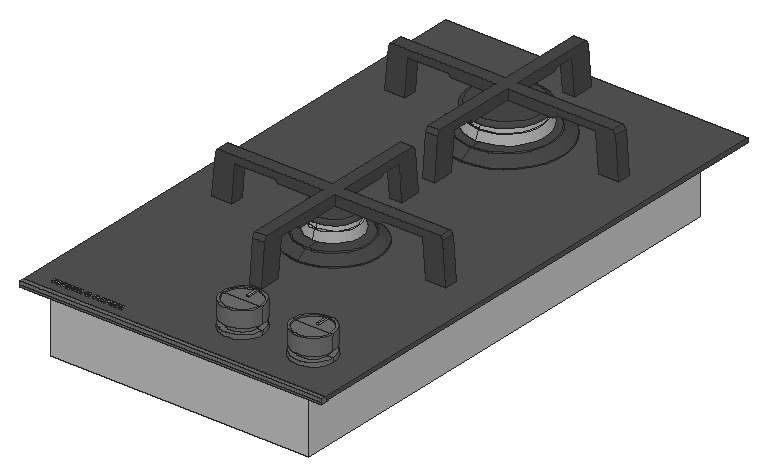
Revit family "FP_Revit_18_CG302DNGGB4_and_CG302DLPGB4_Cooktop_90000830A", category Specialty Equipment, Revit 2018
Family settings
  Round Connector Dimension = Use Diameter
  Part Type = Normal
  OmniClass Number = 23.40.40.14.17.11
  OmniClass Title = Cookers, Ovens, Stoves
  Work Plane-Based = No
  Always vertical = Yes
  Cut with Voids When Loaded = Yes
  Shared = No
  Room Calculation Point = No
Parameters (values of type "CG302DNGGB4")
  Visibility - Clearance Required = yes
  URL = "www.fisherpaykel.com"
  Product - Width = 300 mm  # constant formula
  Product - Height = 125 mm  # constant formula
  Product - Depth = 530 mm  # constant formula
  Model = "CG302DNGGB4"
  Material - Trim = Fisher & Paykel - Aluminium, Dark
  Material - Cooktop = Fisher & Paykel - Glass, Black
  Material - Burners & Trivets = Fisher & Paykel - Black, Matte
  Material - Body = Fisher & Paykel - Grey
  Manufacturer = "Fisher & Paykel Appliances"
  FFL Offset [instance] = 900 mm
  Description = "30cm Gas on Glass Cooktop"
  Connector Note - Gas = "NG 1 kPa (4\" WC), Connection is Rp 1/2\" (ISO7-1)"
  Connector Note - Electrical = "230 V, 10 A, fused electrical supply"
  Clearance - Side Combustible = 120 mm  # constant formula
  Clearance - Rear Non-Combustible = 45 mm  # constant formula
  Clearance - Rear Combustible = 160 mm  # constant formula
  Clearance - Overhead Rangehood = 650 mm  # constant formula
  Clearance - Overhead Non-Combustible = 500 mm  # constant formula
  Clearance - Overhead Combustible = 650 mm  # constant formula
  Clearance - Below Non-Combustible = 65 mm  # constant formula
  Clearance - Below Combustible = 70 mm  # constant formula
  Chassis - Width = 256 mm  # constant formula
  Chassis - Height = 59 mm  # constant formula
  Chassis - Depth = 486 mm  # constant formula
  Cavity - Width = 260 mm  # constant formula
  Cavity - Height = 59 mm  # constant formula
  Cavity - Depth = 490 mm  # constant formula
Types (3, lengths in mm): name | Model | Connector Note - Gas
  (no name) | "CG302DNGGB4" | "NG 1 kPa (4\" WC), Connection is Rp 1/2\" (ISO7-1)"
  CG302DNGGB4 | "CG302DNGGB4" | "NG 1 kPa (4\" WC), Connection is Rp 1/2\" (ISO7-1)"
  CG302DLPGB4 | "CG302DLPGB4" | "LPG 2.75 kPa (11\" WC), Connection is Rp 1/2\" (ISO7-1)"
Reference planes
  plane 1 "Datum": y = 0
  plane 2: z = 0
  plane 3 "Center (Left/Right)": x = 0
  plane 4 "Product LHS": x = -150
  plane 5 "Product RHS": x = 150
  plane 6 "Product - Depth": y = 530
  plane 7 "Cavity LHS": x = -130
  plane 8 "Cavity RHS": x = 130
  plane 9 "Cavity - Depth": y = 501.465
  plane 10 "Glass": z = 905
  plane 11 "Benchtop": z = 900
  plane 12 "Basepan": z = 841
Forms (mm)
  Extrusion 1, solid, material "Fisher & Paykel - Glass, Black" <- "Material - Cooktop"
    sketch origin (0, 0, 0) x (0, 1, 0) y (0, 0, 1)
      loop
        line (5.299, 905) -> (5.299, 901) -> (530, 901) -> (530, 905) -> (5.299, 905)
    from -150 to 150
  Extrusion 2, solid, material "Fisher & Paykel - Aluminium, Dark" <- "Material - Trim", detail levels fine
    sketch origin (0, 0, 0) x (0, 1, 0) y (0, 0, 1)
      loop
        line (5.299, 905) -> (0.45, 905) -> (0, 901.5) -> (0, 900) -> (8.39, 900) -> (8.39, 901) -> (5.299, 901) -> (5.299, 905)
    from -150 to 150
  Extrusion 3, solid, material "Fisher & Paykel - Grey" <- "Material - Body"
    sketch origin (0, 0, 0) x (1, 0, 0) y (0, 1, 0)
      loop
        line (141, 521) -> (-25.305, 521) -> (-25.305, 497.465) -> (-126.681, 410.993) -> (-141, 410.993) -> (-141, 11.465) -> (141, 11.465) -> (141, 521)
    from 900 to 901
  Extrusion 4, solid, material "Fisher & Paykel - Grey" <- "Material - Body"
    sketch origin (0, 0, 0) x (1, 0, 0) y (0, 1, 0)
      loop
        line (128, 497.465) -> (-25.305, 497.465) -> (-128, 410.849) -> (-128, 11.465) -> (128, 11.465) -> (128, 497.465)
    from 841 to 900
  Extrusion 5, solid, material "Fisher & Paykel - Clearance Required (Cutout)", visible <- "Visibility - Clearance Required", detail levels coarse
    sketch origin (0, 0, 0) x (1, 0, 0) y (0, 1, 0)
      loop
        line (-130, 11.465) -> (130, 11.465) -> (130, 501.465) -> (-130, 501.465) -> (-130, 11.465)
    from 835 to 900
  Extrusion 6, void
    sketch origin (0, 0, 900) x (0, 1, 0) y (0, 0, 1)
      loop
        line (497.465, -27.151) -> (404.424, -42.627) -> (407.148, -59) -> (497.465, -59) -> (497.465, -27.151)
    from 65 to 126.85
  Extrusion 7, solid, material "Fisher & Paykel - Grey" <- "Material - Body", detail levels fine
    sketch origin (0, 0, 900) x (0, 1, 0) y (0, 0, 1)
      loop
        line (480, -30.056) -> (425.258, -39.162) -> (428.13, -56.432) -> (463.493, -56.432) -> (483.825, -53.05) -> (480, -30.056)
    from 75 to 115
  Extrusion 8, solid, material "Fisher & Paykel - Grey" <- "Material - Body", detail levels fine
    sketch origin (95, 0, 900) x (1, 0, 0) y (0, 0, 1)
      loop
        circle (0, -41.49) r 4
    from -509.984 to -480
  Extrusion 9, solid, material "Fisher & Paykel - Aluminium, Dark" <- "Material - Trim", detail levels coarse+medium
    sketch origin (0, 0, 0) x (0, 1, 0) y (0, 0, 1)
      loop
        line (5.299, 905) -> (0, 905) -> (0, 900) -> (5.299, 900) -> (5.299, 905)
    from -150 to 150
  Extrusion 10, solid, material "Fisher & Paykel - Clearance Required (Combustible)", visible <- "Visibility - Clearance Required", detail levels coarse
    sketch origin (0, 0, 0) x (1, 0, 0) y (0, 1, 0)
      loop
        line (150, 0) -> (250, 0) -> (250, 661.465) -> (-250, 661.465) -> (-250, 0) -> (-150, 0) -> (-150, 546.465) -> (150, 546.465) -> (150, 0)
    from 905 to 1355
  Extrusion 11, solid, material "Fisher & Paykel - Clearance Required (Non-Combustible)", visible <- "Visibility - Clearance Required", detail levels coarse
    sketch origin (0, 0, 0) x (1, 0, 0) y (0, 1, 0)
      loop
        line (-150, 0) -> (150, 0) -> (150, 546.465) -> (-150, 546.465) -> (-150, 0)
    from 905 to 1405
  Extrusion 12, solid, material "Fisher & Paykel - Clearance Required (Rangehood)", visible <- "Visibility - Clearance Required", detail levels coarse
    sketch origin (0, 0, 0) x (1, 0, 0) y (0, 1, 0)
      loop
        line (-150, 546.465) -> (-150, 0) -> (150, 0) -> (150, 546.465) -> (-150, 546.465)
    from 1405 to 1555
  Extrusion 13, solid, material "Fisher & Paykel - Clearance Required (Combustible)", visible <- "Visibility - Clearance Required", detail levels coarse
    sketch origin (0, 0, 0) x (1, 0, 0) y (0, 1, 0)
      loop
        line (-130, 11.465) -> (130, 11.465) -> (130, 501.465) -> (-130, 501.465) -> (-130, 11.465)
    from 835 to 830
  Revolve 14, solid, material "Fisher & Paykel - Grey" <- "Material - Body"
    sketch origin (-105.39, 0, 900) x (0, 1, 0) y (0, 0, -1)
      loop
        line (396.487, 23.673) -> (442.637, 23.673) -> (442.637, 22.673) -> (464.817, 22.673) -> (464.817, 25.4) -> (449.637, 25.4) -> (449.637, 31.4) -> (396.487, 31.4) -> (396.487, 23.673)
      axis (464.817, 31.4) -> (396.487, 31.4)
    angle from 0 to 360
  Extrusion 15, solid, material "Fisher & Paykel - Grey" <- "Material - Body", detail levels fine
    sketch origin (0, 0, 900) x (-1, 0, 0) y (0, 0, -1)
      loop
        line (99.05, 20.401) -> (111.75, 20.401) -> (118.1, 31.4) -> (111.75, 42.399) -> (99.05, 42.399) -> (92.7, 31.4) -> (99.05, 20.401)
      loop
        circle (105.39, 31.4) r 7.727
    from -449.637 to -442.637
  Extrusion 16, void
    sketch origin (0, 0, 0) x (1, 0, 0) y (0, 1, 0)
      loop
        line (-130, 11.465) -> (130, 11.465) -> (130, 501.465) -> (-130, 501.465) -> (-130, 11.465)
    from 830 to 900
Cuts and joins
  joined: Extrusion 7, Extrusion 8
  Extrusion 6 cuts Extrusion 4
Text (mm)
  text "Due to ongoing product development, product details are subject to change without notice. \nPlease always refer to www.fisherpaykel.com for the most current product information. \n© Fisher & Paykel 2020" at (41.04, -284.603, 0), in view "Ref. Level (Plan)"
Dimensions and locks
  equal spacing: plane 4 "Product LHS", plane 3 "Center (Left/Right)", plane 5 "Product RHS"
  "Product - Width": plane 4 "Product LHS" to plane 5 "Product RHS"
  equal spacing: plane 7 "Cavity LHS", plane 3 "Center (Left/Right)", plane 8 "Cavity RHS"
  "Cavity - Width": plane 7 "Cavity LHS" to plane 8 "Cavity RHS"
  locked: plane 1 "Datum" to Extrusion 3 at 11.465
  "Chassis - Depth": Extrusion 3 to Extrusion 4
  "Cavity - Depth": Extrusion 3 to plane 9 "Cavity - Depth"
  equal spacing: cut or joined group of Extrusion 4, Extrusion 6, plane 3 "Center (Left/Right)", cut or joined group of Extrusion 4, Extrusion 6
  "Chassis - Width": cut or joined group of Extrusion 4, Extrusion 6 to cut or joined group of Extrusion 4, Extrusion 6
  "Clearance - Rear Combustible": Extrusion 10 to Extrusion 5
  "Clearance - Side Combustible": Extrusion 10 to plane 7 "Cavity LHS"
  "Clearance - Side Combustible": plane 8 "Cavity RHS" to Extrusion 10
  locked: plane 10 "Glass" to Extrusion 1 sketch curve at 4
  "FFL Offset": plane 11 "Benchtop" to level
  locked: plane 10 "Glass" to plane 11 "Benchtop" at 5
  "Chassis - Height": plane 11 "Benchtop" to plane 12 "Basepan"
  "Clearance - Overhead Non-Combustible": plane 10 "Glass" to Extrusion 12
  locked: plane 10 "Glass" to Extrusion 1 at 4
  locked: nested 4 to plane 10 "Glass" at 45.5
  locked: Extrusion 6 sketch curve to plane 12 "Basepan" at 31.849
  locked: Extrusion 6 sketch curve to plane 12 "Basepan" at 16.373
  "Clearance - Below Non-Combustible": plane 11 "Benchtop" to Extrusion 13
  "Clearance - Below Combustible": plane 11 "Benchtop" to Extrusion 16
  locked: nested 3 to plane 10 "Glass" at 0.8
  locked: cut or joined group of Extrusion 7, Extrusion 8 to plane 11 "Benchtop" at 56.432
  "Clearance - Rear Non-Combustible": Extrusion 12 to plane 9 "Cavity - Depth"
  locked: Extrusion 10 to plane 10 "Glass" at 450
  "Clearance - Overhead Rangehood": Extrusion 12 to Extrusion 10
  aligned and locked: level to plane 2
  aligned and locked: Extrusion 1 to plane 5 "Product RHS"
  aligned and locked: Extrusion 1 to plane 4 "Product LHS"
  aligned and locked: Extrusion 2 to plane 5 "Product RHS"
  aligned and locked: Extrusion 10 to Extrusion 1
  aligned and locked: Extrusion 12 to Extrusion 11
  aligned and locked: Extrusion 10 to plane 10 "Glass"
  aligned and locked: Extrusion 11 to Extrusion 1
  aligned and locked: plane 10 "Glass" to Extrusion 9 sketch curve
  aligned and locked: Extrusion 9 sketch curve to plane 11 "Benchtop"
  aligned and locked: Extrusion 2 sketch curve to Extrusion 1
  aligned and locked: Extrusion 2 sketch curve to plane 11 "Benchtop"
  aligned and locked: plane 10 "Glass" to Extrusion 2 sketch curve
  aligned and locked: plane 11 "Benchtop" to Extrusion 4
  aligned and locked: Extrusion 4 to plane 12 "Basepan"
  aligned and locked: plane 12 "Basepan" to Extrusion 6 sketch curve
  aligned and locked: Extrusion 6 sketch curve to cut or joined group of Extrusion 4, Extrusion 6
  aligned and locked: Extrusion 5 to cut or joined group of Extrusion 4, Extrusion 6
  aligned and locked: Extrusion 16 to Extrusion 5
  aligned and locked: Extrusion 3 to Extrusion 1
  aligned and locked: Extrusion 3 to Extrusion 5
  aligned and locked: Extrusion 13 to Extrusion 5
  aligned and locked: Extrusion 16 to Extrusion 13
  aligned and locked: cut or joined group of Extrusion 4, Extrusion 6 to Extrusion 7
Automatic sketch dimensions
  Extrusion 3 sketch curve to plane 4 "Product LHS" = 9 mm
  Extrusion 3 sketch curve to plane 7 "Cavity LHS" = 3.319 mm
  plane 9 "Cavity - Depth" to Extrusion 3 sketch curve = 4 mm
  Extrusion 3 sketch curve to plane 3 "Center (Left/Right)" = 25.305 mm
  plane 5 "Product RHS" to Extrusion 3 sketch curve = 9 mm
  plane 9 "Cavity - Depth" to Extrusion 3 sketch curve = 90.472 mm
  Extrusion 3 sketch curve to plane 1 "Datum" = 11.465 mm
  Extrusion 3 sketch curve to plane 6 "Product - Depth" = 9 mm
  Extrusion 4 sketch curve to plane 7 "Cavity LHS" = 2 mm
  plane 9 "Cavity - Depth" to Extrusion 4 sketch curve = 4 mm
  Extrusion 4 sketch curve to plane 3 "Center (Left/Right)" = 25.305 mm
  plane 8 "Cavity RHS" to Extrusion 4 sketch curve = 2 mm
  plane 9 "Cavity - Depth" to Extrusion 4 sketch curve = 90.616 mm
  Extrusion 4 sketch curve to plane 1 "Datum" = 11.465 mm
  plane 9 "Cavity - Depth" to Extrusion 5 sketch curve = 0 mm
  plane 7 "Cavity LHS" to Extrusion 5 sketch curve = 0 mm
  Extrusion 5 sketch curve to plane 8 "Cavity RHS" = 0 mm
  Extrusion 5 sketch curve to plane 1 "Datum" = 11.465 mm
  Extrusion 7 sketch curve to Extrusion 7 sketch curve = 2.873 mm
  Extrusion 7 sketch curve to Extrusion 7 sketch curve = 35.363 mm
  plane 1 "Datum" to Extrusion 10 sketch curve = 0 mm  (x2)
  Extrusion 10 sketch curve to plane 4 "Product LHS" = 0 mm
  Extrusion 10 sketch curve to plane 5 "Product RHS" = 0 mm
  plane 4 "Product LHS" to Extrusion 10 sketch curve = 100 mm
  Extrusion 10 sketch curve to plane 5 "Product RHS" = 100 mm
  plane 6 "Product - Depth" to Extrusion 10 sketch curve = 16.465 mm
  plane 6 "Product - Depth" to Extrusion 10 sketch curve = 131.465 mm
  Extrusion 11 sketch curve to plane 4 "Product LHS" = 0 mm
  Extrusion 11 sketch curve to plane 5 "Product RHS" = 0 mm
  plane 1 "Datum" to Extrusion 11 sketch curve = 0 mm
  plane 6 "Product - Depth" to Extrusion 11 sketch curve = 16.465 mm
  plane 1 "Datum" to Extrusion 12 sketch curve = 0 mm
  Extrusion 12 sketch curve to plane 4 "Product LHS" = 0 mm
  Extrusion 12 sketch curve to plane 5 "Product RHS" = 0 mm
  plane 6 "Product - Depth" to Extrusion 12 sketch curve = 16.465 mm
  plane 9 "Cavity - Depth" to Extrusion 13 sketch curve = 0 mm
  plane 7 "Cavity LHS" to Extrusion 13 sketch curve = 0 mm
  Extrusion 13 sketch curve to plane 8 "Cavity RHS" = 0 mm
  Extrusion 13 sketch curve to plane 1 "Datum" = 11.465 mm
  Revolve 14 sketch curve to Revolve 14 sketch curve = 46.15 mm
  Revolve 14 sketch curve to Revolve 14 sketch curve = 7 mm
  Revolve 14 sketch curve to Revolve 14 sketch curve = 15.18 mm
  Revolve 14 sketch curve to Revolve 14 sketch curve = 1.727 mm
  Revolve 14 sketch curve to Revolve 14 sketch curve = 6 mm
  Revolve 14 sketch curve to Revolve 14 sketch curve = 45 mm
  Revolve 14 sketch curve to Revolve 14 sketch curve = 0 mm  (x2)
  Extrusion 15 sketch curve to Extrusion 15 sketch curve = 6.35 mm  (x3)
  Extrusion 15 sketch curve to Extrusion 15 sketch curve = 12.69 mm
  Extrusion 15 sketch curve to Extrusion 15 sketch curve = 12.7 mm  (x2)
  Extrusion 15 sketch curve to Extrusion 15 sketch curve = 10.999 mm  (x3)
  Extrusion 15 sketch curve to Extrusion 15 sketch curve = 0 mm
  plane 9 "Cavity - Depth" to Extrusion 16 sketch curve = 0 mm
  plane 7 "Cavity LHS" to Extrusion 16 sketch curve = 0 mm
  Extrusion 16 sketch curve to plane 8 "Cavity RHS" = 0 mm
  Extrusion 16 sketch curve to plane 1 "Datum" = 11.465 mm
  Extrusion 1 sketch curve to plane 10 "Glass" = 0 mm
  Extrusion 1 sketch curve to plane 6 "Product - Depth" = 0 mm
  Extrusion 1 sketch curve to plane 1 "Datum" = 5.299 mm
  Extrusion 9 sketch curve to plane 1 "Datum" = 0 mm
  Extrusion 9 sketch curve to plane 1 "Datum" = 5.299 mm
  Extrusion 2 sketch curve to plane 1 "Datum" = 0 mm
  Extrusion 2 sketch curve to plane 1 "Datum" = 0.45 mm
  Extrusion 2 sketch curve to Extrusion 2 sketch curve = 4.85 mm
  Extrusion 2 sketch curve to Extrusion 2 sketch curve = 3.09 mm
  Extrusion 2 sketch curve to Extrusion 2 sketch curve = 1.5 mm
  Extrusion 6 sketch curve to Extrusion 6 sketch curve = 2.723 mm
  Extrusion 7 sketch curve to Extrusion 7 sketch curve = 16.507 mm
  Extrusion 7 sketch curve to Extrusion 7 sketch curve = 20.331 mm
  Revolve 14 sketch curve to Revolve 14 sketch curve = 1 mm
  plane 12 "Basepan" to Extrusion 7 sketch curve = 19.838 mm
  plane 9 "Cavity - Depth" to Extrusion 7 sketch curve = 76.208 mm
  plane 8 "Cavity RHS" to Extrusion 8 sketch curve = 35 mm
  plane 12 "Basepan" to Extrusion 8 sketch curve = 17.51 mm
  Revolve 14 sketch curve to plane 11 "Benchtop" = 23.673 mm
  plane 9 "Cavity - Depth" to Revolve 14 sketch curve = 104.979 mm
  plane 7 "Cavity LHS" to Extrusion 15 sketch curve = 37.3 mm
  Extrusion 15 sketch curve to plane 12 "Basepan" = 16.601 mm
  radius of Extrusion 8 sketch curve = 4 mm
  radius of Extrusion 15 sketch curve = 7.727 mm
Nested families
  nested 1: "F&P Dial CG" at (100, 51.956, 905), type "F&P Dial CG"
  nested 2: "F&P Dial CG" at (30, 51.956, 905), type "F&P Dial CG"
  nested 3: "F&P Logo 70mm Horizontal" at (-94.501, 14.253, 905), type "F&P Logo 70mm Horizontal"
  nested 4: "F&P Burner+Trivet Auxilliary" at (0, 202.987, 900.2), type "F&P Burner+Trivet Auxilliary"
  nested 5: "F&P Burner+Trivet Semi Rapid" at (0, 417.987, 900.2) x (-1, 0, 0) z (0, 0, 1), type "F&P Burner+Trivet Semi Rapid"
  nested 6: "F&P Dial CG" at (100, 51.956, 905), type "F&P Dial CG", not visible
  nested 7: "F&P Dial CG" at (30, 51.956, 905), type "F&P Dial CG", not visible
  nested 8: "F&P Logo 70mm Horizontal" at (-94.501, 14.253, 905), type "F&P Logo 70mm Horizontal", not visible
  nested 9: "F&P Burner+Trivet Auxilliary" at (0, 202.987, 900.2), type "F&P Burner+Trivet Auxilliary", not visible
  nested 10: "F&P Burner+Trivet Semi Rapid" at (0, 417.987, 900.2) x (-1, 0, 0) z (0, 0, 1), type "F&P Burner+Trivet Semi Rapid", not visible
Connectors
  electrical at (95, 509.984, 858.51), driven by "Connector Note - Electrical"
    settings: on cut or joined group of Extrusion 7, Extrusion 8, index 1, voltage 230 V, apparent load 0 VA, apparent load phase1 0 VA, apparent load phase2 0 VA, apparent load phase3 0 VA, power factor 1, load classification "Other", number of poles 1, system type 30, power factor state 1, is connector primary yes, connector utility no, sub classification motor no, connector description "230 V, 10 A, fused electrical supply"
  piping at (-105.39, 464.817, 868.6), diameter 19, driven by "Connector Note - Gas"
    settings: on Revolve 14, index 2, connector inside diameter 609.6 mm, connector length 0 mm, flow factor 0, pipe flow 0.0 L/s, pressure drop 0.0 Pa, fitting loss kfactor 0, connector angle 0.00°, fixture units 0, engagement length 0 mm, angle of deflection 0.00°, flow configuration 0, flow direction 1, fitting loss method 0, system type 22, joint type 0, gender type 0, connector reference index -1, connector utility 0, adjustable connector no, is connector primary yes, connector description "NG 1 kPa (4\" WC), Connection is Rp 1/2\" (ISO7-1)"
Definition of nested family "F&P Dial CG"
  Parameters (values of type "F&P Dial CG")
    URL = "www.fisherpaykel.com"
    Material - Trim = none
    Material - Buttons and Dials = none
    Material - Body = none
    Manufacturer = "Fisher & Paykel Appliances"
  Reference planes
    plane 1 "Center (Front/Back)": y = 0
    plane 2: z = 0
    plane 3 "Center (Left/Right)": x = 0
  Forms (mm)
    Revolve 1, solid, material <- "Material - Body", detail levels fine
      sketch origin (0, 0, 0) x (1, 0, 0) y (0, 0, 1)
        loop
          line (0, 0) -> (0, 24.05) -> (-17.75, 24.05) -> (-17.75, 24.95) -> (-20, 24.95) -> (-20, 9.5) -> (-14.513, 9.5) -> (-14.513, 3.5) -> (-20.008, 3.5) -> (-20.5, 0) -> (0, 0)
        axis (0, 24.95) -> (0, 0)
      angle from 0 to 360
    Extrusion 2, void
      sketch origin (0, 0, 0) x (1, 0, 0) y (0, 1, 0)
        loop
          line (-1.05, 17.22) -> (1.05, 17.22) -> (1.05, 20.22) -> (-1.05, 20.22) -> (-1.05, 17.22)
      from 24.05 to 24.95
    Extrusion 3, solid, material <- "Material - Trim", detail levels fine
      sketch origin (0, 0, 0) x (1, 0, 0) y (0, 1, 0)
        loop
          line (-1.05, 6.22) -> (1.05, 6.22) -> (1.05, 20.02) -> (-1.05, 20.02) -> (-1.05, 6.22)
      from 24.05 to 24.95
    Extrusion 4, solid, material <- "Material - Body", detail levels coarse+medium
      sketch origin (0, 0, 0) x (1, 0, 0) y (0, 1, 0)
        loop
          circle (0, 0) r 20.5
      from 9.5 to 24.95
    Extrusion 5, solid, material <- "Material - Body", detail levels coarse+medium
      sketch origin (0, 0, 0) x (1, 0, 0) y (0, 1, 0)
        loop
          circle (0, 0) r 14.513
      from 0 to 9.5
  Cuts and joins
    Extrusion 2 cuts Revolve 1
  Dimensions and locks
    aligned and locked: level to plane 2
Definition of nested family "F&P Logo 70mm Horizontal"
  Parameters (values of type "F&P Logo 70mm Horizontal")
    URL = "www.fisherpaykel.com"
    Material - Logo = none
    Manufacturer = "Fisher & Paykel Appliances"
  Reference planes
    plane 1 "Center (Front/Back)": y = 0
    plane 2: z = 0
    plane 3 "Center (Left/Right)": x = 0
  Forms (mm)
    Extrusion 1, solid, material <- "Material - Logo", detail levels fine
      sketch origin (0, 0, 0) x (1, 0, 0) y (0, 1, 0)
        loop
          line (-34.997, 0) -> (-33.895, 0) -> (-33.895, 1.496) -> (-32.174, 1.496) -> (-32.174, 2.431) -> (-33.895, 2.431) -> (-33.895, 3.298) -> (-32.023, 3.298) -> (-32.023, 4.228) -> (-34.997, 4.228) -> (-34.997, 0)
        loop
          line (-29.929, 4.228) -> (-29.929, 0) -> (-28.828, 0) -> (-28.828, 4.228) -> (-29.929, 4.228)
        loop
          line (-21.473, 4.228) -> (-21.473, 0) -> (-20.372, 0) -> (-20.372, 1.694) -> (-18.754, 1.694) -> (-18.754, 0) -> (-17.652, 0) -> (-17.652, 4.228) -> (-18.754, 4.228) -> (-18.754, 2.624) -> (-20.372, 2.624) -> (-20.372, 4.228) -> (-21.473, 4.228)
        loop
          line (-15.301, 4.228) -> (-15.301, 0) -> (-12.288, 0) -> (-12.288, 0.8) -> (-14.209, 0.8) -> (-14.209, 1.694) -> (-12.453, 1.694) -> (-12.453, 2.624) -> (-14.209, 2.624) -> (-14.209, 3.428) -> (-12.288, 3.428) -> (-12.288, 4.228) -> (-15.301, 4.228)
        loop
          line (32, 4.228) -> (32, 0) -> (35.003, 0) -> (35.003, 0.93) -> (33.102, 0.93) -> (33.102, 4.228) -> (32, 4.228)
        loop
          line (29.735, 4.228) -> (26.712, 4.228) -> (26.712, 0) -> (29.735, 0) -> (29.735, 0.8) -> (27.814, 0.8) -> (27.814, 1.694) -> (29.57, 1.694) -> (29.57, 2.624) -> (27.814, 2.624) -> (27.814, 3.428) -> (29.735, 3.428) -> (29.735, 4.228)
        loop
          line (23.449, 2.203) -> (25.012, 4.228) -> (23.724, 4.228) -> (22.374, 2.479) -> (22.374, 4.228) -> (21.273, 4.228) -> (21.273, 0) -> (22.374, 0) -> (22.374, 1.894) -> (23.765, 0) -> (25.067, 0) -> (23.449, 2.203)
        loop
          line (15.42, 4.228) -> (17.017, 1.694) -> (17.017, 0) -> (18.119, 0) -> (18.119, 1.639) -> (19.717, 4.228) -> (18.546, 4.228) -> (17.603, 2.595) -> (16.66, 4.228) -> (15.42, 4.228)
        loop
          line (12.969, 4.228) -> (11.922, 4.228) -> (10.2, 0) -> (11.282, 0) -> (11.585, 0.778) -> (13.278, 0.778) -> (13.581, 0) -> (14.69, 0) -> (12.969, 4.228)
        loop
          line (12.913, 1.708) -> (12.419, 2.922) -> (11.946, 1.708) -> (12.913, 1.708)
        loop
          line (5.656, 4.228) -> (5.656, 0) -> (6.757, 0) -> (6.757, 1.357) -> (7.557, 1.357)
          arc (7.557, 1.357) -> (8.993, 2.792) -> (7.557, 4.228) r 1.436
          line (7.557, 4.228) -> (5.656, 4.228)
        loop
          line (6.757, 2.238) -> (7.557, 2.238)
          arc (7.557, 2.238) -> (8.088, 2.768) -> (7.557, 3.298) r 0.53
          line (7.557, 3.298) -> (6.757, 3.298) -> (6.757, 2.238)
        loop
          line (-8.214, 4.228) -> (-10.023, 4.228) -> (-10.023, 0) -> (-9.058, 0) -> (-9.058, 0.8) -> (-8.258, 0.8) -> (-7.647, 0) -> (-6.373, 0) -> (-7.452, 1.381)
          arc (-7.452, 1.381) -> (-6.741, 3.097) -> (-8.214, 4.228) r 1.525
        loop
          line (-8.921, 3.298) -> (-8.921, 2.137) -> (-8.121, 2.137)
          arc (-8.121, 2.137) -> (-7.54, 2.718) -> (-8.121, 3.298) r 0.581
          line (-8.121, 3.298) -> (-8.921, 3.298)
        loop
          line (0.368, 3.298) -> (0.368, 4.307) -> (-2.553, 4.307) -> (-2.553, 3.499) -> (-2.048, 2.878)
          arc (-2.048, 2.878) -> (-2.424, 0.478) -> (0.002, 0.358) r 1.633
          line (0.002, 0.358) -> (0.495, -0.272) -> (1.765, -0.272) -> (0.636, 1.116) -> (1.613, 2.524) -> (0.481, 2.524) -> (0.025, 1.867) -> (-1.14, 3.298) -> (0.368, 3.298)
        loop
          arc (-1.454, 2.148) -> (-1.555, 1.167) -> (-0.574, 1.067) r 0.697
          line (-0.574, 1.067) -> (-1.454, 2.148)
        loop
          line (-24.593, 2.544) -> (-25.527, 2.737)
          arc (-25.527, 2.737) -> (-25.9, 3.11) -> (-25.527, 3.483) r 0.373
          arc (-25.527, 3.483) -> (-24.631, 3.353) -> (-23.808, 2.973) r 3.153
          line (-23.808, 2.973) -> (-23.808, 4.02)
          arc (-23.808, 4.02) -> (-24.851, 4.326) -> (-25.937, 4.276) r 3.308
          arc (-25.937, 4.276) -> (-26.941, 3.034) -> (-25.937, 1.792) r 1.27
          line (-25.937, 1.792) -> (-24.994, 1.597)
          arc (-24.994, 1.597) -> (-24.621, 1.224) -> (-24.994, 0.851) r 0.373
          arc (-24.994, 0.851) -> (-25.891, 0.981) -> (-26.714, 1.361) r 3.153
          line (-26.714, 1.361) -> (-26.714, 0.314)
          arc (-26.714, 0.314) -> (-25.671, 0.009) -> (-24.585, 0.058) r 3.308
          arc (-24.585, 0.058) -> (-23.58, 1.304) -> (-24.593, 2.544) r 1.27
      from 0 to 0.8
  Dimensions and locks
    Extrusion 1 sketch curve to Extrusion 1 sketch curve = 70 mm
    aligned and locked: level to plane 2
Definition of nested family "F&P Burner+Trivet Auxilliary"
  Parameters (values of type "F&P Burner+Trivet Auxilliary")
    URL = "www.fisherpaykel.com"
    Material - Burners & Trivets = none
    Material - Body = none
    Manufacturer = "Fisher & Paykel Appliances"
  Reference planes
    plane 1 "Center (Front/Back)": y = 0
    plane 2: z = 0
    plane 3 "Center (Left/Right)": x = 0
  Forms (mm)
    Revolve 1, solid, material <- "Material - Burners & Trivets", detail levels fine
      sketch origin (0, 0, 0) x (0, 1, 0) y (0, 0, 1)
        loop
          line (0, 13.12) -> (-33.818, 13.12)
          arc (-33.818, 13.12) -> (-34.46, 13.014) -> (-35.034, 12.708) r 2
          line (-35.034, 12.708) -> (-44.315, 5.6) -> (-44.315, 4.8) -> (0, 4.8) -> (0, 13.12)
        loop
          line (0, 31.9) -> (0, 35.4) -> (-21.776, 35.4)
          arc (-21.776, 35.4) -> (-24.251, 34.375) -> (-25.276, 31.9) r 3.5
          line (-25.276, 31.9) -> (0, 31.9)
        axis (0, 35.4) -> (0, 4.8)
      angle from 0 to 360
    Revolve 2, solid, material <- "Material - Body", detail levels fine
      sketch origin (0, 0, 0) x (0, 1, 0) y (0, 0, 1)
        loop
          line (0, 31.9) -> (-19.63, 31.9) -> (-21.618, 25.401) -> (-23.93, 25.401) -> (-26.1, 16.7) -> (0, 16.7) -> (0, 31.9)
        axis (0, 31.9) -> (0, 16.7)
      angle from 0 to 360
    Extrusion 3, solid, material <- "Material - Burners & Trivets", detail levels fine
      sketch origin (0, 0, 0) x (0, 1, 0) y (0, 0, 1)
        loop
          line (-6, 50.3) -> (-90.97, 50.3) -> (-93.532, 45.94) -> (-97, 6.3) -> (-77, 6.3) -> (-73.807, 42.8) -> (-53.996, 42.8) -> (-50.373, 40.07) -> (-6, 40.07) -> (-6, 50.3)
        loop
          line (6, 50.3) -> (6, 40.07) -> (50.373, 40.07) -> (53.996, 42.8) -> (73.807, 42.8) -> (77, 6.3) -> (97, 6.3) -> (93.532, 45.94) -> (90.97, 50.3) -> (6, 50.3)
      from -6 to 6
    Extrusion 4, solid, material <- "Material - Burners & Trivets", detail levels fine
      sketch origin (0, 0, 0) x (1, 0, 0) y (0, 0, 1)
        loop
          line (-96.5, 6.3) -> (-93.307, 42.8) -> (-53.997, 42.8) -> (-50.016, 39.8) -> (50.016, 39.8) -> (53.997, 42.8) -> (93.307, 42.8) -> (96.5, 6.3) -> (116.5, 6.3) -> (113.014, 46.148) -> (110.616, 50.3) -> (-110.616, 50.3) -> (-113.014, 46.148) -> (-116.5, 6.3) -> (-96.5, 6.3)
      from -6 to 6
    Extrusion 5, solid, detail levels coarse+medium
      sketch origin (0, 0, 0) x (1, 0, 0) y (0, 1, 0)
        loop
          line (-6, 97) -> (-6, 6) -> (-116.5, 6) -> (-116.5, -6) -> (-6, -6) -> (-6, -97) -> (6, -97) -> (6, -6) -> (116.5, -6) -> (116.5, 6) -> (6, 6) -> (6, 97) -> (-6, 97)
      from 4.8 to 50.3
    Extrusion 6, solid, detail levels coarse+medium
      sketch origin (0, 0, 0) x (1, 0, 0) y (0, 1, 0)
        loop
          arc (-6, 44.094) -> (-31.466, 31.466) -> (-44.094, 6) r 44.5
          line (-44.094, 6) -> (-6, 6) -> (-6, 44.094)
        loop
          line (6, 44.094) -> (6, 6) -> (44.094, 6)
          arc (44.094, 6) -> (31.466, 31.466) -> (6, 44.094) r 44.5
        loop
          line (-6, -44.094) -> (-6, -6) -> (-44.094, -6)
          arc (-44.094, -6) -> (-31.466, -31.466) -> (-6, -44.094) r 44.5
        loop
          arc (6, -44.094) -> (31.466, -31.466) -> (44.094, -6) r 44.5
          line (44.094, -6) -> (6, -6) -> (6, -44.094)
      from 4.8 to 35.5
  Cuts and joins
    joined: Extrusion 3, Extrusion 4
  Dimensions and locks
    aligned and locked: level to plane 2
Definition of nested family "F&P Burner+Trivet Semi Rapid"
  Parameters (values of type "F&P Burner+Trivet Semi Rapid")
    URL = "www.fisherpaykel.com"
    Material - Burners & Trivets = none
    Material - Body = none
    Manufacturer = "Fisher & Paykel Appliances"
  Reference planes
    plane 1 "Center (Front/Back)": y = 0
    plane 2: z = 0
    plane 3 "Center (Left/Right)": x = 0
  Forms (mm)
    Revolve 1, solid, material <- "Material - Burners & Trivets", detail levels fine
      sketch origin (0, 0, 0) x (0, 1, 0) y (0, 0, 1)
        loop
          line (0, 13.12) -> (-44.088, 13.12)
          arc (-44.088, 13.12) -> (-44.668, 13.034) -> (-45.198, 12.783) r 2
          line (-45.198, 12.783) -> (-55.961, 5.6) -> (-55.961, 4.8) -> (0, 4.8) -> (0, 13.12)
        loop
          line (0, 31.3) -> (0, 34.8) -> (-34.1, 34.8)
          arc (-34.1, 34.8) -> (-36.575, 33.775) -> (-37.6, 31.3) r 3.5
          line (-37.6, 31.3) -> (0, 31.3)
        axis (0, 34.8) -> (0, 4.8)
      angle from 0 to 360
    Revolve 2, solid, material <- "Material - Body", detail levels fine
      sketch origin (0, 0, 0) x (0, 1, 0) y (0, 0, 1)
        loop
          line (0, 31.3) -> (-31, 31.3) -> (-33.046, 24.3) -> (-35, 24.3) -> (-38, 15.9) -> (0, 15.9) -> (0, 31.3)
        axis (0, 31.3) -> (0, 15.9)
      angle from 0 to 360
    Extrusion 3, solid, material <- "Material - Burners & Trivets", detail levels fine
      sketch origin (0, 0, 0) x (0, 1, 0) y (0, 0, 1)
        loop
          line (-6, 50.3) -> (-90.97, 50.3) -> (-93.532, 45.94) -> (-97, 6.3) -> (-77, 6.3) -> (-73.807, 42.8) -> (-53.996, 42.8) -> (-50.373, 40.07) -> (-6, 40.07) -> (-6, 50.3)
        loop
          line (6, 50.3) -> (6, 40.07) -> (50.373, 40.07) -> (53.996, 42.8) -> (73.807, 42.8) -> (77, 6.3) -> (97, 6.3) -> (93.532, 45.94) -> (90.97, 50.3) -> (6, 50.3)
      from -6 to 6
    Extrusion 4, solid, material <- "Material - Burners & Trivets", detail levels fine
      sketch origin (0, 0, 0) x (1, 0, 0) y (0, 0, 1)
        loop
          line (-96.5, 6.3) -> (-93.307, 42.8) -> (-53.997, 42.8) -> (-50.016, 39.8) -> (50.016, 39.8) -> (53.997, 42.8) -> (93.307, 42.8) -> (96.5, 6.3) -> (116.5, 6.3) -> (113.014, 46.148) -> (110.616, 50.3) -> (-110.616, 50.3) -> (-113.014, 46.148) -> (-116.5, 6.3) -> (-96.5, 6.3)
      from -6 to 6
    Extrusion 5, solid, detail levels coarse+medium
      sketch origin (0, 0, 0) x (1, 0, 0) y (0, 1, 0)
        loop
          line (-6, 97) -> (-6, 6) -> (-116.5, 6) -> (-116.5, -6) -> (-6, -6) -> (-6, -97) -> (6, -97) -> (6, -6) -> (116.5, -6) -> (116.5, 6) -> (6, 6) -> (6, 97) -> (-6, 97)
      from 4.8 to 50.3
    Extrusion 6, solid, detail levels coarse+medium
      sketch origin (0, 0, 0) x (1, 0, 0) y (0, 1, 0)
        loop
          arc (-6, 55.638) -> (-39.57, 39.57) -> (-55.638, 6) r 55.961
          line (-55.638, 6) -> (-6, 6) -> (-6, 55.638)
        loop
          line (6, 55.638) -> (6, 6) -> (55.638, 6)
          arc (55.638, 6) -> (39.57, 39.57) -> (6, 55.638) r 55.961
        loop
          line (-6, -55.638) -> (-6, -6) -> (-55.638, -6)
          arc (-55.638, -6) -> (-39.57, -39.57) -> (-6, -55.638) r 55.961
        loop
          arc (6, -55.638) -> (39.57, -39.57) -> (55.638, -6) r 55.961
          line (55.638, -6) -> (6, -6) -> (6, -55.638)
      from 4.8 to 35
  Cuts and joins
    joined: Extrusion 3, Extrusion 4
  Dimensions and locks
    aligned and locked: level to plane 2
